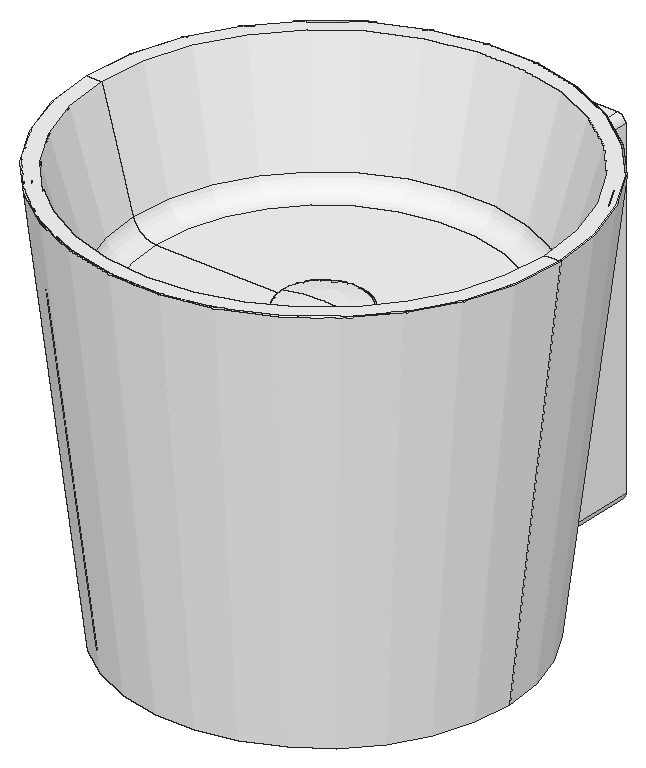
Revit family "Reece_Basin_Alape_Scopio_Wall Basin_400 mm", category Plumbing Fixtures, Revit 2018
Family settings
  Round Connector Dimension = Use Diameter
  Part Type = Normal
  Work Plane-Based = Yes
  Always vertical = Yes
  Cut with Voids When Loaded = Yes
  Shared = Yes
  Room Calculation Point = Yes
Parameters
  URL = "https://www.reece.com.au/product/-9508137"
  Type Comments = "Basin"
  Reece_Product_Web Page = "https://www.reece.com.au/product/-9508137"
  Reece_Product_Type = "Basin"  # constant formula
  Reece_Product_Sub Brand = "Scopio"  # constant formula
  Reece_Product_Number = "9508137"
  Reece_Product_Mount = "Wall Mounted"
  Reece_Product_Description = "Alape Scopio Wall Basin 400mm White"
  Reece_Product_Brand = "Alape"  # constant formula
  Reece_Overall_Width = 400 mm  # constant formula
  Reece_Overall_Length = 425 mm  # constant formula
  Reece_Overall_Height = 350 mm  # constant formula
  Reece_Overall_Capacity = 8.70 L  # constant formula
  Reece_Material_Main = Reece_Metal_Steel Enamelled_White
  Reece_Height_From_Level [instance] = 900 mm
  Reece_Detail_Installation = "Wall Basin"  # constant formula
  Reece_Detail_Disclaimer = "THIS FILE IS THE PROPERTY OF THE REECE GROUP. IT MAY NOT BE REPRODUCED, REVERSE-ENGINEERED OR MODIFIED. ANY REPUBLICATION, TRANSMISSION OR DISTRIBUTION FOR THE PURPOSE OF COMMERCIALLY EXPLOITING THE FILES IS PROHIBITED."  # constant formula
  Reece_Detail_Connector = "No Taphole"  # constant formula
  Reece_Basin_Outlet = 32 mm  # constant formula
  Model = "Scopio"
  Manufacturer = "Alape"
  Keynote = "Product #9508137, Reece_Basin_Alape_Scopio_Wall Basin_400 mm -  "
  Disclaimer = "THIS FILE IS THE PROPERTY OF THE REECE GROUP. IT MAY NOT BE REPRODUCED, REVERSE-ENGINEERED OR MODIFIED. ANY REPUBLICATION, TRANSMISSION OR DISTRIBUTION FOR THE PURPOSE OF COMMERCIALLY EXPLOITING THE FILES IS PROHIBITED."  # constant formula
  Description = "Alape Scopio Wall Basin 400mm White"
  Default Elevation = 0 mm
Types (2, lengths in mm): name | Keynote
  (no name) | "Product #9508137, Reece_Basin_Alape_Scopio_Wall Basin_400 mm -  "
  8.7 L_Enamelled Glazed Steel_White | "Product #9508137, Reece_Basin_Alape_Scopio_Wall Basin_400 mm - 8.7 L_Enamelled Glazed Steel_White"
Reference planes
  plane 1 "Center (Front/Back)": y = 0
  plane 2 "Bottom Host Plane": z = 0
  plane 3 "Center (Left/Right)": x = 0
  plane 4: y = -425
  plane 5: x = 200
  plane 6: x = -200
  plane 7: x = -187
  plane 8: x = 187
  plane 9: x = -75
  plane 10: x = 75
  plane 11: z = 0
  plane 12 "high from level": z = 900
  plane 13: z = 788
  plane 14: z = 550
  plane 15 "bottom host plane": z = -5
  plane 16: y = -225
Forms (mm)
  Revolve 1, solid, material "Reece_Metal_Steel Enamelled_White" <- "Reece_Material_Main"
    sketch origin (0, -225, 555) x (1, 0, 0) y (0, 0, 1)
      loop
        line (-151.569, 0) -> (-124, 0)
        arc (-124, 0) -> (-122, 2) -> (-124, 4) r 2
        line (-124, 4) -> (-152.061, 4) -> (-151.569, 0)
      axis (0, 4) -> (0, 0)
    angle from 0 to 360
  Revolve 2, solid, material "Reece_Metal_Steel Enamelled_White" <- "Reece_Material_Main"
    sketch origin (0, -225, 800.206) x (1, 0, 0) y (0, 0, 1)
      loop
        line (0, -55.581) -> (0, -0.315)
        arc (0, -0.315) -> (-17.262, -1.109) -> (-34.312, -3.915) r 147.631
        arc (-34.312, -3.915) -> (-34.807, -4.224) -> (-35, -4.775) r 0.881
        line (-35, -4.775) -> (-35, -5.581) -> (-20, -5.581) -> (-20, -55.581) -> (0, -55.581)
      axis (0, -55.581) -> (0, -0.315)
    angle from 0 to 360
  Extrusion 3, void
    sketch origin (0, -225, 559) x (-1, 0, 0) y (0, 1, 0)
      loop
        arc (27.098, 129.251) -> (33.017, 133.118) -> (29.15, 139.038) r 5
        arc (29.15, 139.038) -> (0, 142.061) -> (-29.15, 139.038) r 142.061
        arc (-29.15, 139.038) -> (-33.017, 133.118) -> (-27.098, 129.251) r 5
        arc (-27.098, 129.251) -> (0, 132.061) -> (27.098, 129.251) r 132.061
      loop
        arc (27.098, -129.251) -> (0, -132.061) -> (-27.098, -129.251) r 132.061
        arc (-27.098, -129.251) -> (-33.017, -133.118) -> (-29.15, -139.038) r 5
        arc (-29.15, -139.038) -> (0, -142.061) -> (29.15, -139.038) r 142.061
        arc (29.15, -139.038) -> (33.017, -133.118) -> (27.098, -129.251) r 5
      loop
        arc (-129.251, 27.098) -> (-133.118, 33.017) -> (-139.038, 29.15) r 5
        arc (-139.038, 29.15) -> (-142.061, 0) -> (-139.038, -29.15) r 142.061
        arc (-139.038, -29.15) -> (-133.118, -33.017) -> (-129.251, -27.098) r 5
        arc (-129.251, -27.098) -> (-132.061, 0) -> (-129.251, 27.098) r 132.061
      loop
        arc (129.251, 27.098) -> (132.061, 0) -> (129.251, -27.098) r 132.061
        arc (129.251, -27.098) -> (133.118, -33.017) -> (139.038, -29.15) r 5
        arc (139.038, -29.15) -> (142.061, 0) -> (139.038, 29.15) r 142.061
        arc (139.038, 29.15) -> (133.118, 33.017) -> (129.251, 27.098) r 5
      loop
        arc (-72.233, 110.555) -> (-70.782, 117.476) -> (-77.703, 118.927) r 5
        arc (-77.703, 118.927) -> (-100.452, 100.452) -> (-118.927, 77.703) r 142.061
        arc (-118.927, 77.703) -> (-117.476, 70.782) -> (-110.555, 72.233) r 5
        arc (-110.555, 72.233) -> (-93.381, 93.381) -> (-72.233, 110.555) r 132.061
      loop
        arc (110.555, -72.233) -> (93.381, -93.381) -> (72.233, -110.555) r 132.061
        arc (72.233, -110.555) -> (70.782, -117.476) -> (77.703, -118.927) r 5
        arc (77.703, -118.927) -> (100.452, -100.452) -> (118.927, -77.703) r 142.061
        arc (118.927, -77.703) -> (117.476, -70.782) -> (110.555, -72.233) r 5
      loop
        arc (-110.555, -72.233) -> (-117.476, -70.782) -> (-118.927, -77.703) r 5
        arc (-118.927, -77.703) -> (-100.452, -100.452) -> (-77.703, -118.927) r 142.061
        arc (-77.703, -118.927) -> (-70.782, -117.476) -> (-72.233, -110.555) r 5
        arc (-72.233, -110.555) -> (-93.381, -93.381) -> (-110.555, -72.233) r 132.061
      loop
        arc (72.233, 110.555) -> (93.381, 93.381) -> (110.555, 72.233) r 132.061
        arc (110.555, 72.233) -> (117.476, 70.782) -> (118.927, 77.703) r 5
        arc (118.927, 77.703) -> (100.452, 100.452) -> (77.703, 118.927) r 142.061
        arc (77.703, 118.927) -> (70.782, 117.476) -> (72.233, 110.555) r 5
    from 0 to 4
  Revolve 4, solid, material "Reece_Metal_Steel Enamelled_White" <- "Reece_Material_Main"
    sketch origin (0, -225, 550) x (1, 0, 0) y (0, 0, 1)
      loop
        line (150.955, 0) -> (157.063, 0) -> (199.995, 349.439)
        arc (199.995, 349.439) -> (199.873, 349.831) -> (199.498, 350) r 0.5
        line (199.498, 350) -> (192.395, 350) -> (192.395, 337.301) -> (150.955, 0)
      axis (0, 350) -> (0, 0)
    angle from 0 to 360
  Extrusion 5, void
    sketch origin (5, 0, 870) x (0, 0, 1) y (-1, 0, 0)
      loop
        line (-1, -63.045) -> (-1, 73.045)
        arc (-1, 73.045) -> (-3.33, 78.67) -> (-8.955, 81) r 7.955
        line (-8.955, 81) -> (-288.045, 81)
        arc (-288.045, 81) -> (-293.67, 78.67) -> (-296, 73.045) r 7.955
        line (-296, 73.045) -> (-296, -63.045)
        arc (-296, -63.045) -> (-293.67, -68.67) -> (-288.045, -71) r 7.955
        line (-288.045, -71) -> (-8.955, -71)
        arc (-8.955, -71) -> (-3.33, -68.67) -> (-1, -63.045) r 7.955
    from 13.754 to 126.242
  Extrusion 6, solid, material "Reece_Metal_Steel Enamelled_White" <- "Reece_Material_Main"
    sketch origin (0, -225, 550) x (1, 0, 0) y (0, 0, 1)
      loop
        line (-75, 308) -> (-73, 308) -> (-73, 311.045)
        arc (-73, 311.045) -> (-71.549, 314.549) -> (-68.045, 316) r 4.955
        line (-68.045, 316) -> (-68.045, 318)
        arc (-68.045, 318) -> (-72.963, 315.963) -> (-75, 311.045) r 6.955
        line (-75, 311.045) -> (-75, 308)
      loop
        line (75, 308) -> (75, 311.045)
        arc (75, 311.045) -> (72.963, 315.963) -> (68.045, 318) r 6.955
        line (68.045, 318) -> (68.045, 316)
        arc (68.045, 316) -> (71.549, 314.549) -> (73, 311.045) r 4.955
        line (73, 311.045) -> (73, 308) -> (75, 308)
    from -225 to -168.223
  Extrusion 7, solid, material "Reece_Metal_Steel Enamelled_White" <- "Reece_Material_Main"
    sketch origin (0, 0, 900) x (-1, 0, 0) y (0, -1, 0)
      loop
        line (68.045, 0) -> (68.045, 52.74)
        arc (68.045, 52.74) -> (-0.027, 40.098) -> (-68.1, 52.738) r 189.614
        line (-68.1, 52.738) -> (-68.1, 0) -> (68.045, 0)
    from -34 to -32
  Extrusion 8, solid, material "Reece_Metal_Steel Enamelled_White" <- "Reece_Material_Main"
    sketch origin (0, 0, 550) x (1, 0, 0) y (0, 0, 1)
      loop
        line (73, 198) -> (73, 311.045)
        arc (73, 311.045) -> (71.549, 314.549) -> (68.045, 316) r 4.955
        line (68.045, 316) -> (-68.045, 316)
        arc (-68.045, 316) -> (-71.549, 314.549) -> (-73, 311.045) r 4.955
        line (-73, 311.045) -> (-73, 198) -> (73, 198)
      loop
        line (-47.5, 298) -> (-47.5, 288)
        arc (-47.5, 288) -> (-42.5, 283) -> (-37.5, 288) r 5
        line (-37.5, 288) -> (-37.5, 298)
        arc (-37.5, 298) -> (-42.5, 303) -> (-47.5, 298) r 5
      loop
        line (-47.5, 228) -> (-47.5, 218)
        arc (-47.5, 218) -> (-42.5, 213) -> (-37.5, 218) r 5
        line (-37.5, 218) -> (-37.5, 228)
        arc (-37.5, 228) -> (-42.5, 233) -> (-47.5, 228) r 5
      loop
        arc (47.5, 298) -> (42.5, 303) -> (37.5, 298) r 5
        line (37.5, 298) -> (37.5, 288)
        arc (37.5, 288) -> (42.5, 283) -> (47.5, 288) r 5
        line (47.5, 288) -> (47.5, 298)
      loop
        arc (47.5, 228) -> (42.5, 233) -> (37.5, 228) r 5
        line (37.5, 228) -> (37.5, 218)
        arc (37.5, 218) -> (42.5, 213) -> (47.5, 218) r 5
        line (47.5, 218) -> (47.5, 228)
    from 0 to 2
  Extrusion 9, solid, material "Reece_Metal_Steel Enamelled_White" <- "Reece_Material_Main"
    sketch origin (0, -225, 1073) x (1, 0, 0) y (0, 0, 1)
      loop
        line (-75, -488) -> (-75, -491.045)
        arc (-75, -491.045) -> (-72.963, -495.963) -> (-68.045, -498) r 6.955
        line (-68.045, -498) -> (-58.045, -498) -> (-58.045, -496) -> (-68.045, -496)
        arc (-68.045, -496) -> (-71.549, -494.549) -> (-73, -491.045) r 4.955
        line (-73, -491.045) -> (-73, -488) -> (-75, -488)
      loop
        line (75, -488) -> (73, -488) -> (73, -491.045)
        arc (73, -491.045) -> (71.549, -494.549) -> (68.045, -496) r 4.955
        line (68.045, -496) -> (58.045, -496) -> (58.045, -498) -> (68.045, -498)
        arc (68.045, -498) -> (72.963, -495.963) -> (75, -491.045) r 6.955
        line (75, -491.045) -> (75, -488)
    from -225 to -108.308
  Extrusion 10, solid, material "Reece_Metal_Steel Enamelled_White" <- "Reece_Material_Main"
    sketch origin (-3, -25, 870) x (0, 1, 0) y (0, 0, -1)
      loop
        line (-34.082, 12) -> (25, 12) -> (25, 285) -> (-91.693, 285) -> (-168.58, 175.194) -> (-168.58, 100.194) -> (-81.985, 100.194)
        arc (-81.985, 100.194) -> (-67.43, 95.52) -> (-58.317, 83.245) r 25
        line (-58.317, 83.245) -> (-34.082, 12)
    from 70 to 72
  Extrusion 11, solid, material "Reece_Metal_Steel Enamelled_White" <- "Reece_Material_Main"
    sketch origin (3, -25, 870) x (0, 1, 0) y (0, 0, 1)
      loop
        line (-34.082, -12) -> (-58.317, -83.245)
        arc (-58.317, -83.245) -> (-67.43, -95.52) -> (-81.985, -100.194) r 25
        line (-81.985, -100.194) -> (-168.58, -100.194) -> (-168.58, -175.194) -> (-91.693, -285) -> (25, -285) -> (25, -12) -> (-34.082, -12)
    from 70 to 72
  Revolve 12, solid, material "Reece_Metal_Steel Enamelled_White" <- "Reece_Material_Main"
    sketch origin (0, -225, 550) x (1, 0, 0) y (0, 0, 1)
      loop
        line (192.395, 350) -> (187, 350) -> (160.472, 257.487)
        arc (160.472, 257.487) -> (153.283, 247.027) -> (141.247, 243) r 20
        line (141.247, 243) -> (33.653, 243)
        arc (33.653, 243) -> (31.489, 242.763) -> (29.427, 242.063) r 10
        line (29.427, 242.063) -> (22.723, 238.937)
        arc (22.723, 238.937) -> (21.711, 238.531) -> (20.661, 238.237) r 10
        line (20.661, 238.237) -> (20.661, 231.138)
        arc (20.661, 231.138) -> (23.228, 231.671) -> (25.682, 232.593) r 17
        line (25.682, 232.593) -> (32.386, 235.719)
        arc (32.386, 235.719) -> (33.004, 235.929) -> (33.653, 236) r 3
        line (33.653, 236) -> (141.247, 236)
        arc (141.247, 236) -> (157.473, 241.419) -> (167.185, 255.502) r 27
        line (167.185, 255.502) -> (192.395, 342.708) -> (192.395, 350)
      axis (0, 350) -> (0, 231.138)
    angle from 0 to 360
Cuts and joins
  Extrusion 3 cuts Revolve 1
  Extrusion 5 cuts Revolve 4
  joined: Revolve 4, Extrusion 6, Extrusion 7, Extrusion 8, Extrusion 9, Extrusion 10, Extrusion 11, Revolve 12
Lines and regions (mm)
  model lines, style "InvisibleLines"
    curve 1: line (0, 0, -5) -> (0, 0, 900)
Text (mm)
  text "Reece ©" at (2750.254, -2396.412, 2870.147), in view "Reece Preview"
  text "Reece Copyright © 2018, Reece Ltd." at (-272.546, -589.279, 0), in view "Ref. Level"
Dimensions and locks
  plane 1 "Center (Front/Back)" to plane 4 = 425 mm
  "Reece_Overall_Length": plane 1 "Center (Front/Back)" to plane 4
  equal spacing: plane 6, plane 3 "Center (Left/Right)", plane 5
  "Reece_Overall_Width": plane 6 to plane 5
  plane 7 to plane 8 = 374 mm
  plane 10 to plane 9 = 150 mm
  plane 3 "Center (Left/Right)" to plane 6 = 200 mm
  plane 12 "high from level" to plane 13 = 112 mm
  "Reece_Overall_Height": plane 12 "high from level" to plane 14
  plane 9 to plane 10 = 150 mm
  locked: plane 13 to plane 14 at 238
  "Reece_Height_From_Level": plane 12 "high from level" to level
  locked: plane 11 to plane 15 "bottom host plane" at 5
  plane 1 "Center (Front/Back)" to plane 16 = 225 mm
  aligned and locked: plane 15 "bottom host plane" to curve 1
  aligned and locked: plane 12 "high from level" to curve 1
Automatic sketch dimensions
  Revolve 1 sketch curve to plane 5 = 352.061 mm
  Revolve 1 sketch curve to Revolve 1 sketch curve = 0.491 mm
  Revolve 1 sketch curve to Revolve 1 sketch curve = 27.569 mm
  Revolve 1 sketch curve to Revolve 1 sketch curve = 2 mm
  Revolve 1 sketch curve to Revolve 1 sketch curve = 124 mm
  Revolve 1 sketch curve to Revolve 1 sketch curve = 0 mm
  Revolve 1 sketch curve to Revolve 1 sketch curve = 21.397 mm
  Extrusion 3 sketch curve to Extrusion 3 sketch curve = 28.124 mm  (x2)
  Extrusion 3 sketch curve to Extrusion 3 sketch curve = 46.844 mm  (x4)
  Extrusion 3 sketch curve to Extrusion 3 sketch curve = 39.773 mm  (x4)
  Extrusion 3 sketch curve to Extrusion 3 sketch curve = 19.403 mm  (x4)
  Extrusion 3 sketch curve to Extrusion 3 sketch curve = 56.248 mm  (x2)
  Extrusion 3 sketch curve to Revolve 1 = 28.124 mm  (x2)
  Extrusion 3 sketch curve to Extrusion 3 sketch curve = 47.87 mm  (x4)
  Extrusion 3 sketch curve to Extrusion 3 sketch curve = 42.508 mm  (x4)
  Extrusion 3 sketch curve to Extrusion 3 sketch curve = 23.589 mm  (x4)
  Revolve 1 to Extrusion 3 sketch curve = 28.124 mm  (x2)
  Extrusion 3 sketch curve to Extrusion 3 sketch curve = 0 mm  (x16)
  Extrusion 5 sketch curve to Extrusion 5 sketch curve = 7.955 mm  (x3)
  Extrusion 5 sketch curve to plane 5 = 124 mm
  Extrusion 5 sketch curve to Extrusion 5 sketch curve = 136.091 mm
  Extrusion 6 sketch curve to plane 5 = 275 mm
  Extrusion 6 sketch curve to Extrusion 6 sketch curve = 2 mm  (x2)
  Extrusion 6 sketch curve to Extrusion 6 sketch curve = 4.955 mm  (x2)
  Extrusion 6 sketch curve to Extrusion 6 sketch curve = 136.091 mm
  Extrusion 6 sketch curve to Extrusion 6 sketch curve = 3.045 mm  (x3)
  Extrusion 8 sketch curve to plane 5 = 273 mm
  Extrusion 8 sketch curve to Extrusion 8 sketch curve = 4.955 mm  (x2)
  Extrusion 8 sketch curve to Extrusion 8 sketch curve = 25.5 mm
  Extrusion 8 sketch curve to Extrusion 8 sketch curve = 20.545 mm  (x2)
  Extrusion 8 sketch curve to Extrusion 8 sketch curve = 5 mm  (x4)
  Extrusion 8 sketch curve to Extrusion 8 sketch curve = 75 mm  (x2)
  Extrusion 8 sketch curve to Extrusion 8 sketch curve = 10 mm  (x4)
  Extrusion 8 sketch curve to Extrusion 8 sketch curve = 13.045 mm
  Extrusion 9 sketch curve to Extrusion 9 sketch curve = 0 mm  (x7)
  Extrusion 9 sketch curve to plane 5 = 275 mm
  Extrusion 9 sketch curve to Extrusion 9 sketch curve = 2 mm  (x2)
  Extrusion 9 sketch curve to Extrusion 9 sketch curve = 4.955 mm  (x2)
  Extrusion 9 sketch curve to Extrusion 9 sketch curve = 10 mm  (x2)
  Extrusion 9 sketch curve to Extrusion 9 sketch curve = 116.091 mm
  Extrusion 9 sketch curve to Extrusion 9 sketch curve = 3.045 mm  (x2)
  Extrusion 10 sketch curve to plane 1 "Center (Front/Back)" = 0 mm
  Extrusion 10 sketch curve to Extrusion 10 sketch curve = 59.082 mm
  Extrusion 10 sketch curve to Extrusion 10 sketch curve = 24.235 mm
  Extrusion 10 sketch curve to Extrusion 10 sketch curve = 23.668 mm
  Extrusion 11 sketch curve to plane 1 "Center (Front/Back)" = 0 mm
  Extrusion 11 sketch curve to Extrusion 11 sketch curve = 59.082 mm
  Extrusion 11 sketch curve to Extrusion 11 sketch curve = 24.235 mm
  Extrusion 11 sketch curve to Extrusion 11 sketch curve = 23.668 mm
  Extrusion 5 sketch curve to Extrusion 5 sketch curve = 0 mm
  Extrusion 6 sketch curve to Extrusion 6 sketch curve = 0 mm  (x4)
  Extrusion 8 sketch curve to Extrusion 8 sketch curve = 20 mm  (x2)
  Extrusion 8 sketch curve to Extrusion 8 sketch curve = 60 mm
  Extrusion 8 sketch curve to Extrusion 8 sketch curve = 23.045 mm
  Extrusion 10 sketch curve to Extrusion 10 sketch curve = 16.949 mm
  Extrusion 10 sketch curve to Extrusion 10 sketch curve = 71.245 mm
  Extrusion 11 sketch curve to Extrusion 11 sketch curve = 16.949 mm
  Extrusion 11 sketch curve to Extrusion 11 sketch curve = 71.245 mm
  Revolve 1 sketch curve to plane 12 "high from level" = 345 mm
  Extrusion 5 sketch curve to plane 12 "high from level" = 326 mm
  Extrusion 5 sketch curve to plane 12 "high from level" = 38.955 mm
  Extrusion 6 sketch curve to plane 12 "high from level" = 42 mm
  Extrusion 8 sketch curve to plane 12 "high from level" = 152 mm
  Extrusion 9 sketch curve to plane 12 "high from level" = 325 mm
  Extrusion 10 sketch curve to plane 12 "high from level" = 42 mm
  Extrusion 10 sketch curve to Extrusion 10 sketch curve = 75 mm
  Extrusion 10 sketch curve to Extrusion 10 sketch curve = 109.806 mm
  Extrusion 11 sketch curve to plane 12 "high from level" = 315 mm
  Extrusion 11 sketch curve to Extrusion 11 sketch curve = 109.806 mm
  Extrusion 11 sketch curve to Extrusion 11 sketch curve = 75 mm
  Revolve 12 sketch curve to Revolve 12 sketch curve = 0 mm  (x6)
  Revolve 12 sketch curve to plane 3 "Center (Left/Right)" = 0 mm
  Revolve 12 sketch curve to plane 14 = 0 mm
  plane 3 "Center (Left/Right)" to Revolve 12 sketch curve = 18.497 mm
  Revolve 12 sketch curve to plane 13 = 6.862 mm
  Revolve 12 sketch curve to Revolve 12 sketch curve = 2.164 mm
  plane 13 to Revolve 12 sketch curve = 0.937 mm
  Revolve 12 sketch curve to Revolve 12 sketch curve = 2.062 mm
  Revolve 12 sketch curve to plane 13 = 5.407 mm
  Revolve 12 sketch curve to Revolve 12 sketch curve = 5.02 mm
  plane 13 to Revolve 12 sketch curve = 4.063 mm
  Revolve 12 sketch curve to Revolve 12 sketch curve = 6.704 mm
  Revolve 12 sketch curve to plane 13 = 2.281 mm
  Revolve 12 sketch curve to Revolve 12 sketch curve = 2.958 mm
  Revolve 12 sketch curve to Revolve 12 sketch curve = 1.268 mm
  Revolve 12 sketch curve to plane 8 = 45.753 mm
  plane 13 to Revolve 12 sketch curve = 19.487 mm
  Revolve 12 sketch curve to Revolve 12 sketch curve = 19.225 mm
  Revolve 12 sketch curve to Revolve 12 sketch curve = 6.713 mm
  plane 8 to Revolve 12 sketch curve = 0 mm
  Revolve 12 sketch curve to Revolve 12 sketch curve = 2.719 mm
  Revolve 12 sketch curve to Revolve 12 sketch curve = 5.395 mm
  Revolve 12 sketch curve to Revolve 12 sketch curve = 21.397 mm
  Revolve 12 sketch curve to plane 12 "high from level" = 0 mm
  Revolve 12 sketch curve to plane 12 "high from level" = 7.292 mm
  curve 1 to plane 1 "Center (Front/Back)" = 0 mm
  curve 1 to plane 15 "bottom host plane" = 0 mm
  curve 1 to plane 12 "high from level" = 0 mm
  plane 1 "Center (Front/Back)" to Extrusion 7 sketch curve = 0 mm
  plane 10 to Extrusion 7 sketch curve = 6.9 mm
  plane 3 "Center (Left/Right)" to Extrusion 7 sketch curve = 0.029 mm
  plane 9 to Extrusion 7 sketch curve = 6.955 mm
  Extrusion 7 sketch curve to Extrusion 7 sketch curve = 52.738 mm
  Revolve 2 sketch curve to plane 3 "Center (Left/Right)" = 0 mm  (x2)
  Revolve 2 sketch curve to plane 3 "Center (Left/Right)" = 1.858 mm
  plane 13 to Revolve 2 sketch curve = 6.625 mm
  Revolve 2 sketch curve to plane 3 "Center (Left/Right)" = 20 mm
  Revolve 2 sketch curve to Revolve 2 sketch curve = 14.119 mm
  Revolve 2 sketch curve to Revolve 2 sketch curve = 0.881 mm
  Revolve 2 sketch curve to plane 13 = 43.375 mm
  Revolve 2 sketch curve to Revolve 2 sketch curve = 92.354 mm
  Revolve 2 sketch curve to Revolve 2 sketch curve = 0.806 mm
  plane 13 to Revolve 2 sketch curve = 11.891 mm
  Revolve 2 sketch curve to plane 13 = 5.247 mm
  Revolve 2 sketch curve to Revolve 2 sketch curve = 2.138 mm
  Extrusion 7 sketch curve to Extrusion 7 sketch curve = 176.973 mm
  Extrusion 10 sketch curve to Extrusion 10 sketch curve = 116.693 mm
  Extrusion 10 sketch curve to Extrusion 10 sketch curve = 86.594 mm
  Extrusion 11 sketch curve to Extrusion 11 sketch curve = 116.693 mm
  Extrusion 11 sketch curve to Extrusion 11 sketch curve = 86.594 mm
  Revolve 4 sketch curve to plane 3 "Center (Left/Right)" = 0 mm
  Revolve 4 sketch curve to plane 14 = 0 mm  (x2)
  Revolve 4 sketch curve to plane 12 "high from level" = 0 mm
  Revolve 4 sketch curve to plane 8 = 36.045 mm
  Revolve 4 sketch curve to Revolve 4 sketch curve = 6.109 mm
  plane 8 to Revolve 4 sketch curve = 5.395 mm
  Revolve 4 sketch curve to plane 5 = 0.502 mm
  Revolve 4 sketch curve to plane 12 "high from level" = 12.699 mm
  Revolve 4 sketch curve to plane 12 "high from level" = 0.5 mm
  Revolve 4 sketch curve to plane 5 = 0.005 mm
  Revolve 4 sketch curve to plane 14 = 21.397 mm
  radius of Revolve 1 to Extrusion 3 sketch curve = 8.061 mm  (x8)
  radius of Extrusion 3 sketch curve to Revolve 1 = 10 mm  (x8)
Connectors
  piping at (0, -225, 744.625), diameter 32, driven by "Reece_Basin_Outlet"
    settings: on Revolve 2, index 3, connector inside diameter 609.6 mm, connector length 0 mm, flow factor 0, pipe flow 0.0 L/s, pressure drop 0.0 Pa, fitting loss kfactor 0, connector angle 0.00°, fixture units 0, engagement length 0 mm, angle of deflection 0.00°, flow configuration 0, flow direction 2, fitting loss method 0, system type 16, joint type 0, gender type 0, connector reference index -1, connector utility 0, adjustable connector no, is connector primary yes, connector description ""
